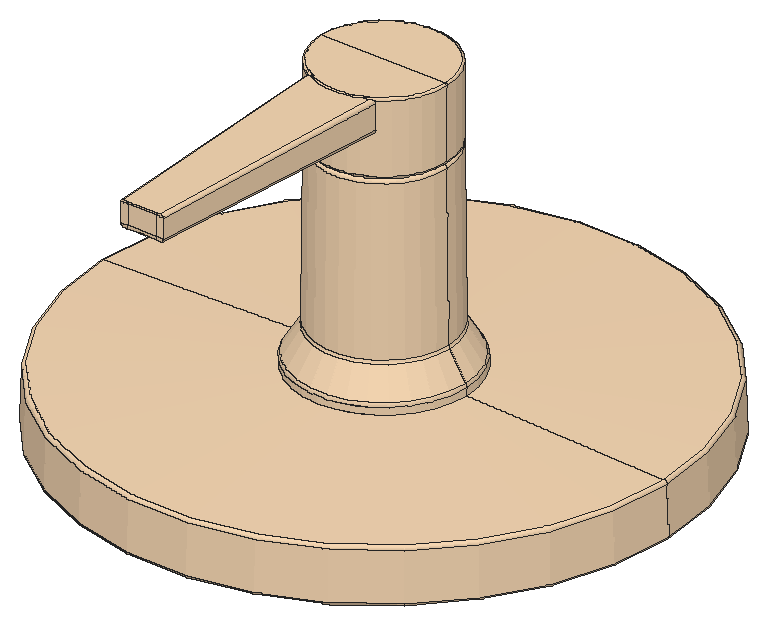
Revit family "Shower-Valve_Trim-KOHLER-Pitch-K-TS74042", category Specialty Equipment, host Face, Revit 2022
Family settings
  Host = Face
  Round Connector Dimension = Use Diameter
  Part Type = Normal
  OmniClass Number = 23.31.25.00
  OmniClass Title = Toilet and Bath Specialties
  Cut with Voids When Loaded = No
  Maintain Annotation Orientation = No
  Shared = No
  Room Calculation Point = No
Parameters (values of type "2MB-Vibrant Brushed Moderne Brass")
  Width = 6 97/256"  # constant formula
  WaterSense Certified = 1 = 0  # no
  URL = "https://www.us.kohler.com/us/"
  Type = 1
  Product Page URL = "https://www.us.kohler.com/us/catalog/productDetails.jsp?productId=TS74042-4"
  Product Name = "Pitch"  # constant formula
  Product Documentation Link = "https://www.us.kohler.com/webassets/kpna/catalog/pdf/en/K-TS74042-4_spec_US-CA_Kohler_en.pdf"
  Model = if(Type = 1, "K-TS74042-4-2MB", if(Type = 2, "K-TS74042-4-BL", if(Type = 3, "K-TS74042-4-BN", if(Type = 4, "K-TS74042-4-CP", " NA "))))  # "K-TS74042-4-2MB"
  Material = "Premium Metal Construction"  # constant formula
  Master Format 2014 Name = "Toilet, Bath, and Laundry Accessories"  # constant formula
  Master Format 2014 = "10 28 00"  # constant formula
  Manufacturer Address = "444 Highland Dr, Kohler, WI 53044"  # constant formula
  Manufacturer = "Kohler Co."  # constant formula
  Length = 3 179/256"  # constant formula
  Height = 6 97/256"  # constant formula
  Handle Clearance = 3 99/256"  # constant formula
  Finish = Kohler-Metal-2MB-Vibrant_Brushed_Moderne_Brass
  Environmental Product Declaration = ""
  Description = "Rite-Temp shower valve trim"  # constant formula
  Default Elevation = 42"
  Declare Label = ""
  Date Modified = "04/19/2022"  # constant formula
  Date Created = "04/19/2022"  # constant formula
  Copyright = "Copyright Kohler Co."  # constant formula
  Contact Us = "https://www.us.kohler.com/us/static/contact.jsp"
  Assembly Code = "C1030200"
  ADA Compliant = 1 = 1  # yes
Types (5): name | Type | Model | Finish
  (no name) | 1 | "K-TS74042-4-2MB" | Kohler-Metal-2MB-Vibrant_Brushed_Moderne_Brass
  CP-Polished Chrome | 4 | "K-TS74042-4-CP" | Kohler-Metal-CP-Polished_Chrome
  BN-Vibrant Brushed Nickel | 3 | "K-TS74042-4-BN" | Kohler-Metal-BN-Vibrant_Brushed_Nickel
  BL-Matte Black | 2 | "K-TS74042-4-BL" | Kohler-Metal-BL-Matte_Black
  2MB-Vibrant Brushed Moderne Brass | 1 | "K-TS74042-4-2MB" | Kohler-Metal-2MB-Vibrant_Brushed_Moderne_Brass
Reference planes
  plane 1 "Center (Front/Back)": y = 0
  plane 2: z = 0
  plane 3 "Center (Left/Right)": x = 0
  plane 4: y = -86.023
  plane 5: y = -81
  plane 6: y = 81.024
  plane 7: x = -81
  plane 8: x = 81.024
  plane 9: z = 93.96
Dimensions and locks
  "Height": plane 5 to plane 6
  "Width": plane 7 to plane 8
  "Handle Clearance": plane 1 "Center (Front/Back)" to plane 4
  "Length": plane 9 to level
  aligned and locked: plane 2 to host face
  aligned and locked: level to host face
  aligned and locked: plane 1 "Center (Front/Back)" to nested 1
  aligned and locked: plane 3 "Center (Left/Right)" to nested 1
  aligned and locked: plane 7 to nested 1
Automatic sketch dimensions
  host sketch curve to host sketch curve = 96"  (x2)
Nested families
  nested 1: "K-TS74042" at (0, 0, 0), type "K-TS74042"
Definition of nested family "K-TS74042"
  Parameters (values of type "K-TS74042")
    Material = none
    Default Elevation = 0"
  Reference planes
    plane 1 "Center (Front/Back)": y = 0
    plane 2: z = 0
    plane 3 "Center (Left/Right)": x = 0
    plane 4: z = 94
    plane 5: x = 81
    plane 6: x = -81
    plane 7: y = 81
    plane 8: y = -81
    plane 9: y = -86
  Forms (mm)
    Revolve 1, solid, material <- "Material", detail levels medium+fine
      sketch origin (0, 0, 0) x (1, 0, 0) y (0, 0, 1)
        loop
          line (0, 73.189) -> (0, 73.989) -> (-8.994, 73.989) -> (-8.994, 73.189) -> (-17.01, 73.189)
          arc (-17.01, 73.189) -> (-17.663, 72.921) -> (-17.938, 72.271) r 0.928
          line (-17.938, 72.271) -> (-18.428, 27.646)
          arc (-18.428, 27.646) -> (-18.504, 27.136) -> (-18.715, 26.665) r 1.891
          line (-18.715, 26.665) -> (-23.222, 19.453)
          arc (-23.222, 19.453) -> (-23.448, 18.945) -> (-23.526, 18.394) r 2
          line (-23.526, 18.394) -> (-23.526, 16.489) -> (-79.614, 14.813)
          arc (-79.614, 14.813) -> (-80.283, 14.524) -> (-80.572, 13.856) r 0.988
          line (-80.572, 13.856) -> (-80.984, 0.515)
          arc (-80.984, 0.515) -> (-80.843, 0.152) -> (-80.484, 0) r 0.5
          line (-80.484, 0) -> (0, 0) -> (0, 73.189)
        axis (0, 0) -> (0, 73.989)
      angle from 0 to 360
    Revolve 2, solid, material <- "Material", detail levels medium+fine
      sketch origin (0, 0, 0) x (1, 0, 0) y (0, 0, 1)
        loop
          line (0, 94) -> (0, 73.656) -> (17.556, 73.656)
          arc (17.556, 73.656) -> (17.909, 73.803) -> (18.056, 74.156) r 0.5
          line (18.056, 74.156) -> (18.056, 93.461)
          arc (18.056, 93.461) -> (17.898, 93.842) -> (17.517, 94) r 0.539
          line (17.517, 94) -> (0, 94)
        axis (0, 73.656) -> (0, 94)
      angle from 0 to 360
    Blend 3, solid, material <- "Material", detail levels medium+fine
      base sketch origin (0, 0, 0) x (1, 0, 0) y (0, 0, 1)
        loop
          line (-10, 92.799) -> (-10, 85.819)
          arc (-10, 85.819) -> (-9.851, 85.293) -> (-9.448, 84.924) r 1
          arc (-9.448, 84.924) -> (0, 82.692) -> (9.448, 84.924) r 21.107
          arc (9.448, 84.924) -> (9.851, 85.293) -> (10, 85.819) r 1
          line (10, 85.819) -> (10, 92.785)
          arc (10, 92.785) -> (9.707, 93.492) -> (9, 93.785) r 1
          line (9, 93.785) -> (-9.015, 93.785)
          arc (-9.015, 93.785) -> (-9.711, 93.496) -> (-10, 92.799) r 0.985
      top sketch origin (0, 0, 0) x (1, 0, 0) y (0, 0, 1)
        loop
          line (-6.004, 93.213) -> (-6.004, 87.965)
          arc (-6.004, 87.965) -> (-5.745, 87.355) -> (-5.126, 87.118) r 0.847
          arc (-5.126, 87.118) -> (0.024, 87.21) -> (5.175, 87.116) r 142.571
          arc (5.175, 87.116) -> (5.759, 87.34) -> (6.004, 87.916) r 0.8
          line (6.004, 87.916) -> (6.004, 93.151)
          arc (6.004, 93.151) -> (5.755, 93.751) -> (5.155, 94) r 0.849
          line (5.155, 94) -> (-5.216, 94)
          arc (-5.216, 94) -> (-5.773, 93.769) -> (-6.004, 93.213) r 0.787
      from 10.563 to 87.702
    Sweep 4, void
      path origin (0, 0, 0) x (1, 0, 0) y (0, 1, 0)
        loop
          arc (-9.963, -84.443) -> (-7.161, -85.604) -> (-4.153, -86) r 11.619
          line (-4.153, -86) -> (4.187, -86)
          arc (4.187, -86) -> (7.297, -85.48) -> (10.068, -83.975) r 9.553
      profile origin (0.017, -86, 0) x (0, 1, 0) y (0, 0, 1)
        loop
          arc (0, 93.446) -> (1.016, 95.625) -> (3.339, 96.248) r 2.845
          line (3.339, 96.248) -> (3.339, 99.373) -> (-6.661, 99.373) -> (-6.661, 82.094) -> (2.318, 82.094) -> (2.318, 84.594)
          arc (2.318, 84.594) -> (0.636, 85.909) -> (0, 87.947) r 3.585
          line (0, 87.947) -> (0, 93.446)
    Revolve 5, solid, material <- "Material", detail levels coarse
      sketch origin (0, 0, 0) x (1, 0, 0) y (0, 0, 1)
        loop
          line (0, 0) -> (81, 0) -> (81, 16.211) -> (18.378, 16.211) -> (18.378, 94) -> (0, 94) -> (0, 0)
        axis (0, 0) -> (0, 94)
      angle from 0 to 360
    Extrusion 6, solid, material <- "Material", detail levels coarse
      sketch origin (0, 0, 0) x (1, 0, 0) y (0, 0, 1)
        loop
          line (-10.114, 94) -> (-10.114, 84.959) -> (9.886, 84.959) -> (9.886, 94) -> (-10.114, 94)
      from 14.387 to 86
  Cuts and joins
    Sweep 4 cuts Blend 3
    joined: Revolve 1, Revolve 2, Blend 3
    joined: Revolve 5, Extrusion 6
  Lines and regions (mm)
    Masking region 1
      outline origin (0, 0, 0) x (1, 0, 0) y (0, 1, 0)
        loop
          line (-6.456, -80.68) -> (-6.225, -84.353)
          arc (-6.225, -84.353) -> (-5.798, -85.31) -> (-4.849, -85.754) r 1.5
          arc (-4.849, -85.754) -> (0.003, -85.946) -> (4.856, -85.737) r 58.937
          arc (4.856, -85.737) -> (5.801, -85.292) -> (6.226, -84.336) r 1.5
          line (6.226, -84.336) -> (6.456, -80.684)
          arc (6.456, -80.684) -> (0.039, 81) -> (-6.456, -80.68) r 80.97
    Masking region 2
      outline origin (0, 0, 0) x (1, 0, 0) y (0, 0, 1)
        loop
          arc (80.47, 0) -> (80.839, 0.156) -> (80.985, 0.53) r 0.515
          line (80.985, 0.53) -> (80.609, 13.787)
          arc (80.609, 13.787) -> (80.301, 14.502) -> (79.586, 14.811) r 1.055
          line (79.586, 14.811) -> (23.526, 16.489) -> (23.526, 18.51)
          arc (23.526, 18.51) -> (23.464, 18.949) -> (23.284, 19.354) r 1.593
          line (23.284, 19.354) -> (18.829, 26.483)
          arc (18.829, 26.483) -> (18.55, 27.105) -> (18.449, 27.779) r 2.5
          line (18.449, 27.779) -> (17.939, 72.201)
          arc (17.939, 72.201) -> (17.643, 72.9) -> (16.94, 73.189) r 1
          arc (16.94, 73.189) -> (17.718, 73.434) -> (18.052, 74.178) r 0.995
          line (18.052, 74.178) -> (18.052, 93.5)
          arc (18.052, 93.5) -> (17.905, 93.854) -> (17.552, 94) r 0.5
          line (17.552, 94) -> (-0.007, 94) -> (-17.552, 94)
          arc (-17.552, 94) -> (-17.905, 93.854) -> (-18.052, 93.5) r 0.5
          line (-18.052, 93.5) -> (-18.052, 74.178)
          arc (-18.052, 74.178) -> (-17.718, 73.434) -> (-16.94, 73.189) r 0.995
          arc (-16.94, 73.189) -> (-17.643, 72.9) -> (-17.939, 72.201) r 1
          line (-17.939, 72.201) -> (-18.449, 27.779)
          arc (-18.449, 27.779) -> (-18.55, 27.105) -> (-18.829, 26.483) r 2.5
          line (-18.829, 26.483) -> (-23.284, 19.354)
          arc (-23.284, 19.354) -> (-23.464, 18.949) -> (-23.526, 18.51) r 1.593
          line (-23.526, 18.51) -> (-23.526, 16.489) -> (-79.586, 14.811)
          arc (-79.586, 14.811) -> (-80.301, 14.502) -> (-80.609, 13.787) r 1.055
          line (-80.609, 13.787) -> (-80.985, 0.53)
          arc (-80.985, 0.53) -> (-80.839, 0.156) -> (-80.47, 0) r 0.515
          line (-80.47, 0) -> (80.47, 0)
    Masking region 3
      outline origin (0, 0, 0) x (0, 1, 0) y (0, 0, 1)
        loop
          line (0, 0) -> (80.485, 0)
          arc (80.485, 0) -> (80.844, 0.152) -> (80.985, 0.515) r 0.5
          line (80.985, 0.515) -> (80.595, 13.887)
          arc (80.595, 13.887) -> (80.303, 14.565) -> (79.625, 14.857) r 1
          line (79.625, 14.857) -> (23.526, 16.489) -> (23.526, 18.377)
          arc (23.526, 18.377) -> (23.447, 18.935) -> (23.218, 19.451) r 2.026
          line (23.218, 19.451) -> (18.386, 27.183)
          arc (18.386, 27.183) -> (18.16, 27.692) -> (18.082, 28.243) r 2
          line (18.082, 28.243) -> (18.082, 72.352)
          arc (18.082, 72.352) -> (17.837, 72.944) -> (17.245, 73.189) r 0.837
          arc (17.245, 73.189) -> (17.849, 73.605) -> (18.082, 74.301) r 1.157
          line (18.082, 74.301) -> (18.082, 93.45)
          arc (18.082, 93.45) -> (17.921, 93.839) -> (17.532, 94) r 0.55
          line (17.532, 94) -> (-84.5, 94)
          arc (-84.5, 94) -> (-85.561, 93.561) -> (-86, 92.5) r 1.5
          line (-86, 92.5) -> (-86, 88.465)
          arc (-86, 88.465) -> (-85.591, 87.436) -> (-84.588, 86.968) r 1.5
          line (-84.588, 86.968) -> (-18.835, 83.104)
          arc (-18.835, 83.104) -> (-18.3, 82.854) -> (-18.082, 82.305) r 0.8
          line (-18.082, 82.305) -> (-18.082, 74.301)
          arc (-18.082, 74.301) -> (-17.849, 73.605) -> (-17.245, 73.189) r 1.157
          arc (-17.245, 73.189) -> (-17.837, 72.944) -> (-18.082, 72.352) r 0.837
          line (-18.082, 72.352) -> (-18.082, 28.243)
          arc (-18.082, 28.243) -> (-18.16, 27.692) -> (-18.386, 27.183) r 2
          line (-18.386, 27.183) -> (-23.218, 19.451)
          arc (-23.218, 19.451) -> (-23.447, 18.935) -> (-23.526, 18.377) r 2.026
          line (-23.526, 18.377) -> (-23.526, 16.489) -> (-79.625, 14.857)
          arc (-79.625, 14.857) -> (-80.303, 14.565) -> (-80.595, 13.887) r 1
          line (-80.595, 13.887) -> (-80.985, 0.515)
          arc (-80.985, 0.515) -> (-80.844, 0.152) -> (-80.485, 0) r 0.5
          line (-80.485, 0) -> (0, 0)
    symbolic lines, detail levels medium+fine
      curve 1: arc (-23.526, 0, 0) -> (12.759, 19.765, 0) -> (9.686, -21.439, 0) r 23.526
      curve 2: arc (-9.686, -21.439, 0) -> (-19.765, -12.759, 0) -> (-23.526, 0, 0) r 23.526
      curve 3: arc (17.928, 0, 0) -> (0, 17.928, 0) -> (-17.928, 0, 0) r 17.928
      curve 4: arc (12.192, -13.144, 0) -> (16.432, -7.17, 0) -> (17.928, 0, 0) r 17.928
      curve 5: arc (-17.928, 0, 0) -> (-16.433, -7.167, 0) -> (-12.198, -13.139, 0) r 17.928
      curve 6: line (-6.456, -80.68, 0) -> (-9.867, -18.109, 0)
      curve 7: line (6.456, -80.68, 0) -> (9.868, -18.099, 0)
      curve 8: line (23.526, 0, 16.489) -> (-23.526, 0, 16.489)
      curve 9: line (23.526, 0, 18.51) -> (-23.526, 0, 18.51)
      curve 10: line (16.94, 0, 73.189) -> (-16.94, 0, 73.189)
      curve 11: line (0, 23.526, 16.489) -> (0, -23.526, 16.489)
      curve 12: line (0, 23.526, 18.377) -> (0, -23.526, 18.377)
      curve 13: line (0, 18.386, 27.183) -> (0, -18.386, 27.183)
      curve 14: line (0, 17.245, 73.189) -> (0, -17.245, 73.189)
      curve 15: line (0, -85.835, 87.914) -> (0, -12.753, 86.062)
      curve 16: arc (0, -18.082, 82.305) -> (0, -15.556, 84.381) -> (0, -12.753, 86.062) r 22.155
      curve 17: line (18.829, 0, 26.483) -> (-18.829, 0, 26.483)
      curve 18: arc (-8.251, -47.765, 0) -> (1.727, 46.54, 0) -> (8.234, -48.068, 0) r 47.596
      curve 19: line (79.586, 0, 14.811) -> (-78.61, 0, 14.811)
      curve 20: line (0, 79.625, 14.857) -> (0, -79.625, 14.857)
      curve 21: arc (-12.198, -13.139, 0) -> (-10.549, -15.397, 0) -> (-9.867, -18.109, 0) r 7.327
      curve 22: arc (9.868, -18.099, 0) -> (10.548, -15.395, 0) -> (12.192, -13.144, 0) r 7.3
      curve 23: arc (-60, 0, 0) -> (-56.5, -20.192, 0) -> (-46.409, -38.029, 0) r 60
      curve 24: line (-60, 0, 0) -> (-57.635, 0, 0)
      curve 25: arc (-57.635, 0, 0) -> (-54.428, -19.558, 0) -> (-45.143, -37.067, 0) r 61.239
      curve 26: line (-46.409, -38.029, 0) -> (-45.143, -37.067, 0)
      curve 27: line (-41.608, -43.229, 0) -> (-40.679, -42.3, 0)
      curve 28: arc (-41.608, -43.229, 0) -> (-31.086, -51.319, 0) -> (-19.042, -56.898, 0) r 60
      curve 29: arc (-40.679, -42.3, 0) -> (-30.647, -50.765, 0) -> (-19.042, -56.898, 0) r 61.239
  Dimensions and locks
    plane 6 to plane 5 = 6.37795"  (x2)
    level to plane 4 = 3.70079"
    plane 1 "Center (Front/Back)" to plane 9 = 3.38583"
    aligned and locked: level to plane 2
